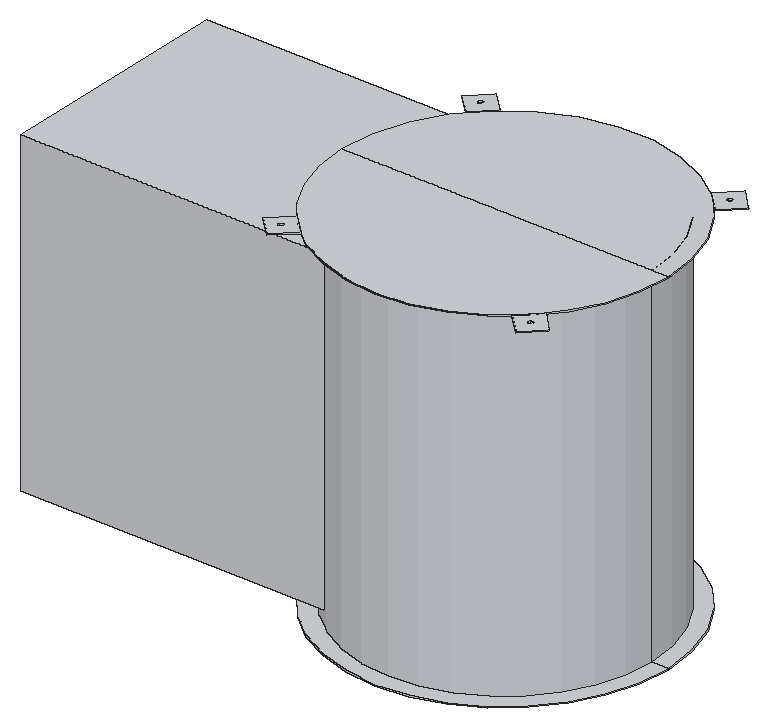
Revit family "AVAB_Upblast_Ceiling_Mount", category Mechanical Equipment, Revit 2019
Family settings
  Round Connector Dimension = Use Radius
  Part Type = Normal
  Work Plane-Based = No
  Always vertical = Yes
  Cut with Voids When Loaded = No
  Shared = No
  Room Calculation Point = No
Parameters (values of type "35_AVAB_UPBLAST_CEILING")
  ModelID [instance] = ""
  L/2 = L / 2  # 1' - 3 1/4"
  L = 2' - 6 1/2"
  K/2 = K / 2  # 0' - 0 9/32"
  K = 0' - 0 9/16"
  J/2 = J / 2  # 1' - 9 9/16"
  J-B = J - B  # 0' - 3 1/4"
  J = 3' - 7 1/8"
  H = 3' - 11 7/8"
  Unit Weight [instance] = ""
  Sones [instance] = ""
  Motor RPM [instance] = ""
  Motor Enclosure [instance] = ""
  LwA [instance] = ""
  G = 12' - 0"
  Fan RPM [instance] = ""
  F/2 = F / 2  # 0' - 0 9/32"
  F = 0' - 0 9/16"
  E/2 = E / 2  # 1' - 9 1/2"
  E-2" = E - 0' 2"  # 3' - 5"
  E-.125" = E - 0' 0 1/8"  # 3' - 6 7/8"
  E = 3' - 7"
  C/2 = C / 2  # 1' - 7"
  C = 3' - 2"
  B/2 = B / 2  # 1' - 7 15/16"
  B = 3' - 3 7/8"
  Accessories [instance] = ""
  A/3 = A / 2.5  # 1' - 2.2"
  A/2 = A / 2  # 1' - 5 3/4"
  A = 2' - 11 1/2"
  60 = 60.00°  # constant formula
  45 = 45.00°
  30 = 30.00°  # constant formula
  3" = 0' - 3"  # constant formula
  Brake Hp [instance] = ""
  4" = 0' - 4"  # constant formula
  2' = 2' - 0"
  2" = 0' - 2"  # constant formula
  1" = 0' - 1"  # constant formula
  0 = 0' - 0"  # constant formula
  Voltage [instance] = 0 V
  URL = "www.lorencook.com"
  Type Comments = "Adjustable Pitch Vane Axial Upblast Ceiling Mount Belt Drive Arrangement 9"  # constant formula
  Static Pressure [instance] = 0.00 in-wg
  Power [instance] = Voltage * Motor FLA * sqrt(if(Phase = 3, 3, 1))  # 0 VA
  Phase [instance] = 0
  Number of Poles [instance] = 1
  Motor Hp [instance] = "0"
  Motor FLA [instance] = 0 A
  Model = "AVAB"  # constant formula
  Manufacturer = "Loren Cook Company"
  CFM [instance] = 0 CFM
  1.5 = 0' - 1 1/2"  # constant formula
  ONE EIGTH = 0' - 0 1/8"  # constant formula
  -E/2 = -E / 2  # -1' - 9 1/2"
  -(E-.25")/2 = -(E - 0' 0 1/4") / 2  # -1' - 9 3/8"
  (L/2)-1" = (L / 2) - 0' 1"  # 1' - 2 1/4"
  (J-B)/2 = (J - B) / 2  # 0' - 1 5/8"
  (J+(J-B))/2 = (J + (J - B)) / 2  # 1' - 11 3/16"
  (E-.25")/2 = (E - 0' 0 1/4") / 2  # 1' - 9 3/8"
  (A+.25")/2 = (A + 0' 0 1/4") / 2  # 1' - 5 7/8"
Types (9): name | L/2 | L | K/2 | K | J/2 | J-B | J | H | G | F/2 | F | E/2 | E-2" | E-.125" | E | C/2 | C | B/2 | B | A/3 | A/2 | A | -E/2 | -(E-.25")/2 | (L/2)-1" | (J-B)/2 | (J+(J-B))/2 | (E-.25")/2 | (A+.25")/2
  (no name) | 1' - 3 1/4" | 2' - 6 1/2" | 0' - 0 9/32" | 0' - 0 9/16" | 1' - 9 9/16" | 0' - 3 1/4" | 3' - 7 1/8" | 3' - 11 7/8" | 12' - 0" | 0' - 0 9/32" | 0' - 0 9/16" | 1' - 9 1/2" | 3' - 5" | 3' - 6 7/8" | 3' - 7" | 1' - 7" | 3' - 2" | 1' - 7 15/16" | 3' - 3 7/8" | 1' - 2.2" | 1' - 5 3/4" | 2' - 11 1/2" | -1' - 9 1/2" | -1' - 9 3/8" | 1' - 2 1/4" | 0' - 1 5/8" | 1' - 11 3/16" | 1' - 9 3/8" | 1' - 5 7/8"
  35_AVAB_UPBLAST_CEILING | 1' - 3 1/4" | 2' - 6 1/2" | 0' - 0 9/32" | 0' - 0 9/16" | 1' - 9 9/16" | 0' - 3 1/4" | 3' - 7 1/8" | 3' - 11 7/8" | 12' - 0" | 0' - 0 9/32" | 0' - 0 9/16" | 1' - 9 1/2" | 3' - 5" | 3' - 6 7/8" | 3' - 7" | 1' - 7" | 3' - 2" | 1' - 7 15/16" | 3' - 3 7/8" | 1' - 2.2" | 1' - 5 3/4" | 2' - 11 1/2" | -1' - 9 1/2" | -1' - 9 3/8" | 1' - 2 1/4" | 0' - 1 5/8" | 1' - 11 3/16" | 1' - 9 3/8" | 1' - 5 7/8"
  39_AVAB_UPBLAST_CEILING | 1' - 4 21/32" | 2' - 9 5/16" | 0' - 0 9/32" | 0' - 0 9/16" | 1' - 11 9/16" | 0' - 3 3/16" | 3' - 11 1/8" | 4' - 1 7/8" | 12' - 0" | 0' - 0 9/32" | 0' - 0 9/16" | 1' - 9 1/2" | 3' - 5" | 3' - 6 7/8" | 3' - 7" | 1' - 8 15/16" | 3' - 5 7/8" | 1' - 9 31/32" | 3' - 7 15/16" | 1' - 3 3/4" | 1' - 7 11/16" | 3' - 3 3/8" | -1' - 9 1/2" | -1' - 9 3/8" | 1' - 3 21/32" | 0' - 1 19/32" | 2' - 1 5/32" | 1' - 9 3/8" | 1' - 7 13/16"
  44_AVAB_UPBLAST_CEILING | 1' - 7 1/16" | 3' - 2 1/8" | 0' - 0 11/32" | 0' - 0 11/16" | 2' - 2 15/16" | 0' - 4 1/4" | 4' - 5 7/8" | 4' - 5 1/4" | 12' - 0" | 0' - 0 9/32" | 0' - 0 9/16" | 1' - 11 1/2" | 3' - 9" | 3' - 10 7/8" | 3' - 11" | 1' - 11 11/16" | 3' - 11 3/8" | 2' - 0 13/16" | 4' - 1 5/8" | 1' - 5.65" | 1' - 10 1/16" | 3' - 8 1/8" | -1' - 11 1/2" | -1' - 11 3/8" | 1' - 6 1/16" | 0' - 2 1/8" | 2' - 5 1/16" | 1' - 11 3/8" | 1' - 10 3/16"
  49_AVAB_UPBLAST_CEILING | 1' - 8 7/8" | 3' - 5 3/4" | 0' - 0 11/32" | 0' - 0 11/16" | 2' - 5 1/2" | 0' - 4 1/4" | 4' - 11" | 4' - 7 3/4" | 12' - 0" | 0' - 0 9/32" | 0' - 0 9/16" | 1' - 11 1/2" | 3' - 9" | 3' - 10 7/8" | 3' - 11" | 2' - 2 1/4" | 4' - 4 1/2" | 2' - 3 3/8" | 4' - 6 3/4" | 1' - 7.7" | 2' - 0 5/8" | 4' - 1 1/4" | -1' - 11 1/2" | -1' - 11 3/8" | 1' - 7 7/8" | 0' - 2 1/8" | 2' - 7 5/8" | 1' - 11 3/8" | 2' - 0 3/4"
  57_AVAB_UPBLAST_CEILING | 1' - 11 21/32" | 3' - 11 5/16" | 0' - 0 11/32" | 0' - 0 11/16" | 2' - 9 7/16" | 0' - 4 1/4" | 5' - 6 7/8" | 5' - 5 3/4" | 12' - 0" | 0' - 0 9/32" | 0' - 0 9/16" | 2' - 6 1/2" | 4' - 11" | 5' - 0 7/8" | 5' - 1" | 2' - 5 15/16" | 4' - 11 7/8" | 2' - 7 5/16" | 5' - 2 5/8" | 1' - 10.85" | 2' - 4 9/16" | 4' - 9 1/8" | -2' - 6 1/2" | -2' - 6 3/8" | 1' - 10 21/32" | 0' - 2 1/8" | 2' - 11 9/16" | 2' - 6 3/8" | 2' - 4 11/16"
  63_AVAB_UPBLAST_CEILING | 2' - 1 23/32" | 4' - 3 7/16" | 0' - 0 11/32" | 0' - 0 11/16" | 3' - 0 3/8" | 0' - 4 1/4" | 6' - 0 3/4" | 5' - 8 5/8" | 16' - 0" | 0' - 0 11/32" | 0' - 0 11/16" | 2' - 6 1/2" | 4' - 11" | 5' - 0 7/8" | 5' - 1" | 2' - 9 1/8" | 5' - 6 1/4" | 2' - 10 1/4" | 5' - 8 1/2" | 2' - 1.2" | 2' - 7 1/2" | 5' - 3" | -2' - 6 1/2" | -2' - 6 3/8" | 2' - 0 23/32" | 0' - 2 1/8" | 3' - 2 1/2" | 2' - 6 3/8" | 2' - 7 5/8"
  71_AVAB_UPBLAST_CEILING | 2' - 5 7/32" | 4' - 10 7/16" | 0' - 0 11/32" | 0' - 0 11/16" | 3' - 5 5/16" | 0' - 5" | 6' - 10 5/8" | 6' - 0 3/4" | 16' - 0" | 0' - 0 11/32" | 0' - 0 11/16" | 3' - 0" | 5' - 10" | 5' - 11 7/8" | 6' - 0" | 3' - 1 1/2" | 6' - 3" | 3' - 2 13/16" | 6' - 5 5/8" | 2' - 4.35" | 2' - 11 7/16" | 5' - 10 7/8" | -3' - 0" | -2' - 11 7/8" | 2' - 4 7/32" | 0' - 2 1/2" | 3' - 7 13/16" | 2' - 11 7/8" | 2' - 11 9/16"
  79_AVAB_UPBLAST_CEILING | 2' - 8" | 5' - 4" | 0' - 0 11/32" | 0' - 0 11/16" | 3' - 9 1/4" | 0' - 4 15/16" | 7' - 6 1/2" | 6' - 4 5/8" | 16' - 0" | 0' - 0 11/32" | 0' - 0 11/16" | 3' - 0" | 5' - 10" | 5' - 11 7/8" | 6' - 0" | 3' - 5 7/16" | 6' - 10 7/8" | 3' - 6 25/32" | 7' - 1 9/16" | 2' - 7 1/2" | 3' - 3 3/8" | 6' - 6 3/4" | -3' - 0" | -2' - 11 7/8" | 2' - 7" | 0' - 2 15/32" | 3' - 11 23/32" | 2' - 11 7/8" | 3' - 3 1/2"
Reference planes (in)
  plane 1 "Center (Front/Back)": y = 0
  plane 2: z = 0
  plane 3 "Center (Left/Right)": x = 0.40541
Forms (in)
  Revolve 1, solid
    sketch origin (0, 0, 0) x (1, 0, 0) y (0, 0, 1)
      loop
        line (0.40541, 0) -> (20.34291, 0) -> (20.34291, 0.125) -> (18.28041, 0.125) -> (18.28041, 42.875) -> (20.34291, 42.875) -> (20.34291, 43) -> (0.40541, 43) -> (0.40541, 0)
      axis (0.40541, 43) -> (0.40541, 0)
    angle from 0 to 360
  Extrusion 2, solid
    sketch origin (0, 0, 0) x (1, 0, 0) y (0, 1, 0)
      loop
        line (-10.38593, 14.25) -> (-47.46959, 14.25) -> (-47.46959, -14.25) -> (-10.38593, -14.25)
        arc (-10.38593, -14.25) -> (-17.46959, 0) -> (-10.38593, 14.25) r 17.875
    from 41 <- "E-2"" to 2
  Extrusion 3, solid
    sketch origin (0, 0, 0) x (1, 0, 0) y (0, 1, 0)
      loop
        line (-12.49658, 15.20009) -> (-14.80126, 17.50477)
        arc (-14.80126, 17.50477) -> (-15.99063, 16.39604) -> (-17.09936, 15.20668) r 23.1875
        line (-17.09936, 15.20668) -> (-14.79467, 12.90199)
        arc (-14.79467, 12.90199) -> (-13.69253, 14.09794) -> (-12.49658, 15.20009) r 19.9375
      loop
        arc (13.3074, 15.20009) -> (14.50335, 14.09794) -> (15.6055, 12.90199) r 19.9375
        line (15.6055, 12.90199) -> (17.91019, 15.20668)
        arc (17.91019, 15.20668) -> (16.80145, 16.39604) -> (15.61209, 17.50477) r 23.1875
        line (15.61209, 17.50477) -> (13.3074, 15.20009)
      loop
        line (13.3074, -15.20009) -> (15.61209, -17.50477)
        arc (15.61209, -17.50477) -> (16.80145, -16.39604) -> (17.91019, -15.20668) r 23.1875
        line (17.91019, -15.20668) -> (15.6055, -12.90199)
        arc (15.6055, -12.90199) -> (14.50335, -14.09794) -> (13.3074, -15.20009) r 19.9375
      loop
        arc (-12.49658, -15.20009) -> (-13.69253, -14.09794) -> (-14.79467, -12.90199) r 19.9375
        line (-14.79467, -12.90199) -> (-17.09936, -15.20668)
        arc (-17.09936, -15.20668) -> (-15.99063, -16.39604) -> (-14.80126, -17.50477) r 23.1875
        line (-14.80126, -17.50477) -> (-12.49658, -15.20009)
    from 43 <- "E" to 42.875 <- "E-.125""
  Extrusion 4, void
    sketch origin (0, 0, 0) x (1, 0, 0) y (0, 1, 0)
      loop
        circle (15.65541, 15.25) r 0.28125
      loop
        circle (-14.84459, 15.25) r 0.28125
      loop
        circle (-14.84459, -15.25) r 0.28125
      loop
        circle (15.65541, -15.25) r 0.28125
    from 0 to 43 <- "E"
Cuts and joins
  Extrusion 4 cuts Revolve 1
  Extrusion 4 cuts Extrusion 2
  Extrusion 4 cuts Extrusion 3
Dimensions and locks (in)
  "0": Revolve 1 sketch curve to plane 3 "Center (Left/Right)"  (x2)
  "0": Revolve 1 sketch curve to level
  "B/2": Revolve 1 sketch curve to plane 3 "Center (Left/Right)"  (x2)
  "(A+.25")/2": Revolve 1 sketch curve to plane 3 "Center (Left/Right)"
  "ONE EIGTH": Revolve 1 sketch curve to Revolve 1 sketch curve  (x2)
  "E": Revolve 1 sketch curve to level
  "0": Extrusion 2 sketch curve to plane 3 "Center (Left/Right)"
  "0": Extrusion 2 sketch curve to plane 1 "Center (Front/Back)"
  "H": Extrusion 2 sketch curve to plane 3 "Center (Left/Right)"
  "(L/2)-1"": Extrusion 2 sketch curve to plane 1 "Center (Front/Back)"
  "(L/2)-1"": plane 1 "Center (Front/Back)" to Extrusion 2 sketch curve
  "0": Extrusion 3 sketch curve to plane 3 "Center (Left/Right)"  (x8)
  "0": Extrusion 3 sketch curve to plane 1 "Center (Front/Back)"  (x8)
  "J-B": Extrusion 3 sketch curve to Extrusion 3 sketch curve  (x4)
  "(J-B)/2": plane 3 "Center (Left/Right)" to Extrusion 3 sketch curve  (x3)
  "(J-B)/2": Extrusion 3 sketch curve to plane 3 "Center (Left/Right)"
  "L/2": plane 3 "Center (Left/Right)" to Extrusion 4 sketch curve  (x4)
  "L/2": plane 1 "Center (Front/Back)" to Extrusion 4 sketch curve  (x4)
  "(A+.25")/2": radius of Extrusion 2 sketch curve
  "(J+(J-B))/2": radius of Extrusion 3 sketch curve  (x4)
  "B/2": radius of Extrusion 3 sketch curve  (x4)
  "K/2": radius of Extrusion 4 sketch curve  (x4)
  "45": angle plane 3 "Center (Left/Right)" to Extrusion 3 sketch curve
  "45": angle Extrusion 3 sketch curve to plane 3 "Center (Left/Right)"  (x2)
  "45": angle Extrusion 3 sketch curve to plane 1 "Center (Front/Back)"
Automatic sketch dimensions
  Revolve 1 sketch curve to level = 0' - 0"
  Revolve 1 sketch curve to level = 1' - 0"
  Extrusion 2 sketch curve to Extrusion 2 sketch curve = 0' - 0"
Connectors (in)
  hvac at (0.40541, 0, 43), driven by "A/2"
    settings: on cut or joined group of Revolve 1, Extrusion 4, index 1, duct flow 0 CFM, flow factor 0, pres drop 0.00 in-wg, loss coef 0, conn angle 0.00°, conn width 12", conn height 12", conn diameter 35 1/2", duct sys type 29, conn prof type 0, flow config 0, flow direction 2, loss method 0, conn ref index -1, conn util no, is conn primary yes, conn desc ""
  hvac at (0.40541, 0, 0.125), driven by "A/2"
    settings: on cut or joined group of Revolve 1, Extrusion 4, index 2, duct flow 0 CFM, flow factor 0, pres drop 0.00 in-wg, loss coef 0, conn angle 0.00°, conn width 12", conn height 12", conn diameter 35 1/2", duct sys type 29, conn prof type 0, flow config 0, flow direction 1, loss method 0, conn ref index -1, conn util no, is conn primary no, conn desc ""
  electrical at (-28.92776, -14.25, 21.5)
    settings: on cut or joined group of Extrusion 2, Extrusion 4, index 3, voltage 0 V, apparent load 0 VA, apparent load phase1 0 VA, apparent load phase2 0 VA, apparent load phase3 0 VA, power factor 1, load classification "Other", number of poles 1, system type 30, power factor state 1, is connector primary yes, connector utility no, sub classification motor no, connector description ""
